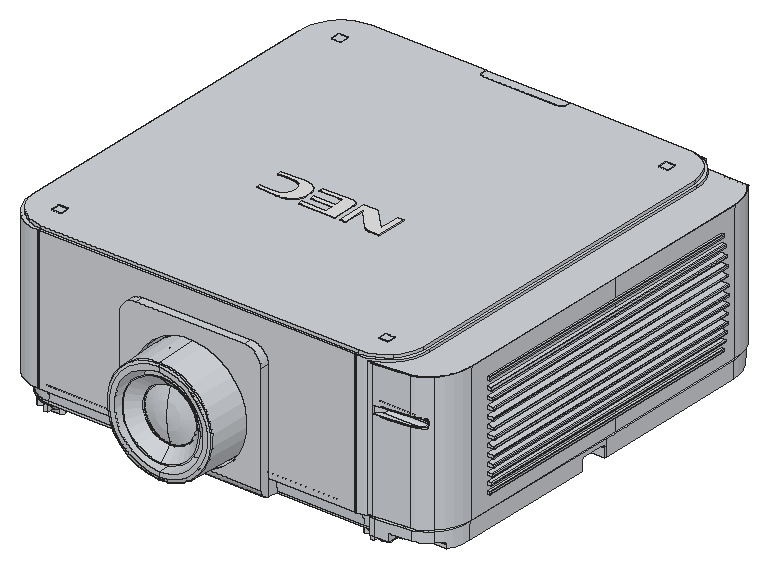
Revit family "PX602WL", category Generic Models, Revit 2012
Parameters
  URL = "www.necdisplay.com"
  Signal Compatibility/Connectivity - Sync Compatibility = "    Separate Sync /Composite Sync / Sync on G"  # constant formula
  Signal Compatibility/Connectivity - Supported Video Standards = "    NTSC, NTSC4.43, PAL, PAL-60, PAL-M, PAL-N, SECAM"  # constant formula
  Signal Compatibility/Connectivity - Scan Rate, Vertical = "    48 - 120 Hz"  # constant formula
  Signal Compatibility/Connectivity - Scan Rate, Horizontal = "    15 - 108 kHz"  # constant formula
  Signal Compatibility/Connectivity - SD/HD Video Signal Compatibility = "    480i, 480p, 576i, 576p, 720p, 1080i, 1080p"  # constant formula
  Signal Compatibility/Connectivity - PC Signal Compatibility = "    VGA, SVGA, XGA, SXGA, SXGA+, UXGA, WUXGA, WXGA, FHD, 2K, QXGA, WQXGA, 4K"  # constant formula
  Signal Compatibility/Connectivity - Networking = "    HDBaseT, RJ-45"  # constant formula
  Signal Compatibility/Connectivity - Macintosh Compatibility = "    Yes"  # constant formula
  Signal Compatibility/Connectivity - Input/Output Terminals RGB5 (digital) = "    HDBaseT"  # constant formula
  Signal Compatibility/Connectivity - Input/Output Terminals RGB4 (digital) = "    DisplayPort w/ HDCP"  # constant formula
  Signal Compatibility/Connectivity - Input/Output Terminals RGB3 (digital) = "    HDMI w/ HDCP"  # constant formula
  Signal Compatibility/Connectivity - Input/Output Terminals RGB2 (analog) = "    5 BNC"  # constant formula
  Signal Compatibility/Connectivity - Input/Output Terminals RGB1 (analog) = "    VGA 15-pin D-sub"  # constant formula
  Signal Compatibility/Connectivity - Input/Output Terminals Option Slot = "    OPS Option Slot"  # constant formula
  Signal Compatibility/Connectivity - Input/Output Terminals Monitor Out = "    HDMI"  # constant formula
  Signal Compatibility/Connectivity - External Control = "    RS-232, IR, HDBaseT, Wired LAN, DDC/CI, USB"  # constant formula
  Signal Compatibility/Connectivity - 3D Sync Line = "    3Pin D"  # constant formula
  Regulations = "    USA: UL 1950 FCC Class B, Canada: CSA950 (C-UL), NOM"  # constant formula
  Power Requirements = "    100 - 240V AC, 50/60Hz"  # constant formula
  Power Consumption (ECO off/ECO Mode/Standby/Standby-Power Saving = "    590W / 460W / 6W / 0.5W"  # constant formula
  Optional Lenses = "    NP33ZL, NP34ZL, NP35ZL, NP36ZL, NP37ZL, NP38ZL"  # constant formula
  Optical - Throw Area NP33ZL = "    0.75 - 0.95 : 1"  # constant formula
  Optical - Throw Area NP34ZL = "    0.95 - 1.2 : 1"  # constant formula
  Optical - Throw Area NP35ZL = "    1.23 - 1.52 : 1"  # constant formula
  Optical - Throw Area NP36FL = "    1.28 - 1.6 : 1"  # constant formula
  Optical - Throw Area NP37ZL = "    1.52 - 2.92 : 1"  # constant formula
  Optical - Throw Area NP38ZL = "    2.9 - 5.5 : 1"  # constant formula
  Optical - Screen Size (diagonal) = "   50 to 300 in. / 1.27 to 7.62m"  # constant formula
  Optical - Resolution Native = "    WUXGA 1280 x 800 "  # constant formula
  Optical - Resolution Maximum = "    4K 4096 x 2160"  # constant formula
  Optical - Projection Distance = "    3.3 to 65.5ft / 1.01 to 19.96m"  # constant formula
  Optical - Projection Angle = "    5.8 - 14.4deg tele / 10.9 - 18.4deg wide"  # constant formula
  Optical - Light Output (lumens) = "    6000 Normal / Eco = variable"  # constant formula
  Optical - Lens* Zoom Ratio = "    Powered"  # constant formula
  Optical - Lens* Zoom = "    Variable"  # constant formula
  Optical - Lens* Shift = "    Powered +/- 0.3 vertical, +/- 0.15 horizontal"  # constant formula
  Optical - Lens* Focus = "    Powered"  # constant formula
  Optical - Lens* F-number, f-number NP33ZL = "    TBD"  # constant formula
  Optical - Lens* F-number, f-number NP34ZL = "    F=2.3 to 2.57, f= 14.03 to 17.95mm"  # constant formula
  Optical - Lens* F-number, f-number NP35ZL = "    F=2.0 to 2.32, f= 18.07 to 22.59mm"  # constant formula
  Optical - Lens* F-number, f-number NP36ZL = "    F=2.0 to 2.32, f= 18.07 to 22.59mm"  # constant formula
  Optical - Lens* F-number, f-number NP37ZL = "    F=2.3 to 3.39, f= 22.56 to 42.87mm"  # constant formula
  Optical - Lens* F-number, f-number NP38ZL = "    TBD"  # constant formula
  Optical - Keystone Correction = "    +/- 40deg horizontal, +/- 40deg vertical"  # constant formula
  Optical - Display /Technology = "    0.65in DMD"  # constant formula
  Optical - Contrast Ratio (up to) = "    10,000 : 1 with auto iris"  # constant formula
  Net Weight = "    40.8 lbs / 18.5 kg"  # constant formula
  Model = "PX602WL"  # constant formula
  Manufacturer = "NEC Display Solutions"  # constant formula
  Optical - Laser Life (up to) = "    2000 hours"  # constant formula
  Installation Orientation = "    Floor/Front, Floor/Rear, Ceiling/Front, Ceiling/Rear"  # constant formula
  Input Current = "    6.6 - 2.5A"  # constant formula
  Fan Noise = "    39 dB normal / 34 dB eco"  # constant formula
  Environmental - Storage = "    -14deg - 122degF / -10deg - 50degC"  # constant formula
  Environmental - Operating Temperature = "     41deg - 104degF / 5deg - 40degC"  # constant formula
  Environmental - Humidity = "     20-80% non-condensing"  # constant formula
  Dimensions (WxDxH) = "    19.1 x 22.6 x 8.5in / 484 x 575 x 217mm"  # constant formula
  Description = "Professional Installation Projectors"  # constant formula
  * = "Lens does not ship with projector"  # constant formula
Reference planes (in)
  plane 1 "Center (Front/Back)": y = 0
  plane 2: z = 0
  plane 3 "Center (Left/Right)": x = 0
Forms (in)
  Extrusion 1, solid
    sketch origin (0, 0, 0) x (1, 0, 0) y (0, 0, 1)
      loop
        arc (1.09599, 1.4692) -> (0, 6.71357) -> (-1.09599, 1.4692) r 2.73671
        arc (-1.09599, 1.4692) -> (0, 1.27755) -> (1.09599, 1.4692) r 3.22966
      loop
        arc (-2.5975, 7.40776) -> (-3.16144, 7.17417) -> (-3.39503, 6.61024) r 0.79753
        line (-3.39503, 6.61024) -> (-3.39503, 0.86557) -> (3.39688, 0.86557) -> (3.39688, 6.61024)
        arc (3.39688, 6.61024) -> (3.16329, 7.17417) -> (2.59935, 7.40776) r 0.79753
        line (2.59935, 7.40776) -> (-2.5975, 7.40776)
    from 0 to 0.41339
  Revolve 2, solid
    sketch origin (0, 0, 0) x (0, 1, 0) y (0, 0, 1)
      loop
        arc (-2.2325, 6.50365) -> (-2.25473, 6.49581) -> (-2.2685, 6.47669) r 0.03937
        line (-2.2685, 6.47669) -> (-2.31496, 6.33659) -> (-2.31496, 6.11699) -> (0, 6.11699) -> (0, 6.58161) -> (-2.2325, 6.50365)
      axis (-2.31496, 3.97638) -> (0, 3.97638)
    angle from 0 to 360
  Extrusion 3, void
    sketch origin (0, 0, 0) x (0, 1, 0) y (0, 0, 1)
      loop
        line (-0.41339, 1.38558) -> (-0.53857, 1.36259) -> (-0.53857, 0.63269) -> (0.09014, 0.63269) -> (0.09014, 0.92211) -> (0, 0.92211)
        arc (0, 0.92211) -> (-0.1179, 0.96597) -> (-0.22086, 1.03825) r 0.49268
        arc (-0.22086, 1.03825) -> (-0.34555, 1.19616) -> (-0.41339, 1.38558) r 0.62282
    from -3.39503 to 3.39621
  Revolve 4, solid
    sketch origin (0, 0, 0) x (0, 1, 0) y (0, 0, 1)
      loop
        line (0, 6.58698) -> (0, 6.71357) -> (-0.21069, 6.71357)
        arc (-0.21069, 6.71357) -> (-0.08856, 6.67821) -> (0, 6.58698) r 0.24797
      axis (-0.21069, 3.97638) -> (0, 3.97638)
    angle from 0 to 360
  Extrusion 5, solid
    sketch origin (0, 0, 8.66736) x (1, 0, 0) y (0, 1, 0)
      loop
        line (-7.56649, 0) -> (7.56736, 0)
        arc (7.56736, 0) -> (8.97386, 0.59127) -> (9.53543, 2.00989) r 1.9685
        line (9.53543, 2.00989) -> (9.53543, 18.07226)
        arc (9.53543, 18.07226) -> (9.4737, 18.56) -> (9.29303, 19.01723) r 1.9685
        arc (9.29303, 19.01723) -> (8.56995, 19.76467) -> (7.56693, 20.03937) r 1.9685
        line (7.56693, 20.03937) -> (-7.56693, 20.03937)
        arc (-7.56693, 20.03937) -> (-8.95887, 19.46281) -> (-9.53543, 18.07087) r 1.9685
        line (-9.53543, 18.07087) -> (-9.53543, 1.9685)
        arc (-9.53543, 1.9685) -> (-8.95844, 0.57656) -> (-7.56649, 0) r 1.9685
      loop
        line (-9.37587, 18.15763) -> (-9.37587, 1.88174)
        arc (-9.37587, 1.88174) -> (-8.8474, 0.6878) -> (-7.65335, 0.15954) r 1.81102
        line (-7.65335, 0.15954) -> (7.65378, 0.15954)
        arc (7.65378, 0.15954) -> (8.31192, 0.31765) -> (8.866, 0.70642) r 1.81059
        arc (8.866, 0.70642) -> (9.22829, 1.24728) -> (9.37587, 1.88132) r 1.81059
        line (9.37587, 1.88132) -> (9.37587, 18.16994)
        arc (9.37587, 18.16994) -> (9.2874, 18.64639) -> (9.07499, 19.08195) r 1.79925
        arc (9.07499, 19.08195) -> (8.4322, 19.66663) -> (7.59037, 19.88189) r 1.79925
        line (7.59037, 19.88189) -> (-7.56693, 19.88189)
        arc (-7.56693, 19.88189) -> (-8.81646, 19.38177) -> (-9.37587, 18.15763) r 1.81102
    from -6.93508 to -0.13877
  Extrusion 6, solid
    sketch origin (0, 0, 0) x (1, 0, 0) y (0, 1, 0)
      loop
        line (-9.02053, 18.05906) -> (-9.02053, 1.98031)
        arc (-9.02053, 1.98031) -> (-8.59478, 0.95246) -> (-7.56693, 0.52671) r 1.4536
        line (-7.56693, 0.52671) -> (-0.02958, 0.52671) -> (7.56693, 0.52671)
        arc (7.56693, 0.52671) -> (8.59478, 0.95246) -> (9.02053, 1.98031) r 1.4536
        line (9.02053, 1.98031) -> (9.02053, 9.41383) -> (9.02053, 18.05906)
        arc (9.02053, 18.05906) -> (8.59245, 19.08924) -> (7.56033, 19.51264) r 1.4536
        line (7.56033, 19.51264) -> (-7.56033, 19.51264)
        arc (-7.56033, 19.51264) -> (-8.59245, 19.08924) -> (-9.02053, 18.05906) r 1.4536
      loop
        line (-2.35433, 8.11287) -> (-2.35433, 7.91602) -> (-2.03937, 7.91602) -> (-2.03937, 8.11287) -> (-2.35433, 8.11287)
      loop
        line (-1.96063, 8.11287) -> (-1.96063, 7.91602) -> (-1.64567, 7.91602) -> (-1.64567, 8.11287) -> (-1.96063, 8.11287)
      loop
        line (-1.56693, 8.11287) -> (-1.56693, 7.91602) -> (-1.25197, 7.91602) -> (-1.25197, 8.11287) -> (-1.56693, 8.11287)
      loop
        line (-1.17323, 8.11287) -> (-1.17323, 7.91602) -> (-0.85827, 7.91602) -> (-0.85827, 8.11287) -> (-1.17323, 8.11287)
      loop
        line (-0.77953, 8.11287) -> (-0.77953, 7.91602) -> (-0.46457, 7.91602) -> (-0.46457, 8.11287) -> (-0.77953, 8.11287)
      loop
        line (-0.38583, 8.11287) -> (-0.38583, 7.91602) -> (-0.07087, 7.91602) -> (-0.07087, 8.11287) -> (-0.38583, 8.11287)
      loop
        line (0.00787, 8.11287) -> (0.00787, 7.91602) -> (0.32283, 7.91602) -> (0.32283, 8.11287) -> (0.00787, 8.11287)
      loop
        line (0.40157, 8.11287) -> (0.40157, 7.91602) -> (0.71654, 7.91602) -> (0.71654, 8.11287) -> (0.40157, 8.11287)
      loop
        line (0.79528, 8.11287) -> (0.79528, 7.91602) -> (1.11024, 7.91602) -> (1.11024, 8.11287) -> (0.79528, 8.11287)
      loop
        line (1.18898, 8.11287) -> (1.18898, 7.91602) -> (1.50394, 7.91602) -> (1.50394, 8.11287) -> (1.18898, 8.11287)
      loop
        line (-2.35433, 7.84132) -> (-2.35433, 7.64447) -> (-2.03937, 7.64447) -> (-2.03937, 7.84132) -> (-2.35433, 7.84132)
      loop
        line (-1.96063, 7.84132) -> (-1.96063, 7.64447) -> (-1.64567, 7.64447) -> (-1.64567, 7.84132) -> (-1.96063, 7.84132)
      loop
        line (-1.56693, 7.84132) -> (-1.56693, 7.64447) -> (-1.25197, 7.64447) -> (-1.25197, 7.84132) -> (-1.56693, 7.84132)
      loop
        line (-1.17323, 7.84132) -> (-1.17323, 7.64447) -> (-0.85827, 7.64447) -> (-0.85827, 7.84132) -> (-1.17323, 7.84132)
      loop
        line (-0.77953, 7.84132) -> (-0.77953, 7.64447) -> (-0.46457, 7.64447) -> (-0.46457, 7.84132) -> (-0.77953, 7.84132)
      loop
        line (-0.38583, 7.84132) -> (-0.38583, 7.64447) -> (-0.07087, 7.64447) -> (-0.07087, 7.84132) -> (-0.38583, 7.84132)
      loop
        line (0.00787, 7.84132) -> (0.00787, 7.64447) -> (0.32283, 7.64447) -> (0.32283, 7.84132) -> (0.00787, 7.84132)
      loop
        line (0.40157, 7.84132) -> (0.40157, 7.64447) -> (0.71654, 7.64447) -> (0.71654, 7.84132) -> (0.40157, 7.84132)
      loop
        line (0.79528, 7.84132) -> (0.79528, 7.64447) -> (1.11024, 7.64447) -> (1.11024, 7.84132) -> (0.79528, 7.84132)
      loop
        line (1.18898, 7.84132) -> (1.18898, 7.64447) -> (1.50394, 7.64447) -> (1.50394, 7.84132) -> (1.18898, 7.84132)
      loop
        line (-2.35433, 7.56052) -> (-2.35433, 7.36367) -> (-2.03937, 7.36367) -> (-2.03937, 7.56052) -> (-2.35433, 7.56052)
      loop
        line (-1.96063, 7.56052) -> (-1.96063, 7.36367) -> (-1.64567, 7.36367) -> (-1.64567, 7.56052) -> (-1.96063, 7.56052)
      loop
        line (-1.56693, 7.56052) -> (-1.56693, 7.36367) -> (-1.25197, 7.36367) -> (-1.25197, 7.56052) -> (-1.56693, 7.56052)
      loop
        line (-1.17323, 7.56052) -> (-1.17323, 7.36367) -> (-0.85827, 7.36367) -> (-0.85827, 7.56052) -> (-1.17323, 7.56052)
      loop
        line (-0.77953, 7.56052) -> (-0.77953, 7.36367) -> (-0.46457, 7.36367) -> (-0.46457, 7.56052) -> (-0.77953, 7.56052)
      loop
        line (-0.38583, 7.56052) -> (-0.38583, 7.36367) -> (-0.07087, 7.36367) -> (-0.07087, 7.56052) -> (-0.38583, 7.56052)
      loop
        line (0.00787, 7.56052) -> (0.00787, 7.36367) -> (0.32283, 7.36367) -> (0.32283, 7.56052) -> (0.00787, 7.56052)
      loop
        line (0.40157, 7.56052) -> (0.40157, 7.36367) -> (0.71654, 7.36367) -> (0.71654, 7.56052) -> (0.40157, 7.56052)
      loop
        line (0.79528, 7.56052) -> (0.79528, 7.36367) -> (1.11024, 7.36367) -> (1.11024, 7.56052) -> (0.79528, 7.56052)
      loop
        line (1.18898, 7.56052) -> (1.18898, 7.36367) -> (1.50394, 7.36367) -> (1.50394, 7.56052) -> (1.18898, 7.56052)
      loop
        line (-2.35433, 7.2863) -> (-2.35433, 7.08945) -> (-2.03937, 7.08945) -> (-2.03937, 7.2863) -> (-2.35433, 7.2863)
      loop
        line (-1.96063, 7.2863) -> (-1.96063, 7.08945) -> (-1.64567, 7.08945) -> (-1.64567, 7.2863) -> (-1.96063, 7.2863)
      loop
        line (-1.56693, 7.2863) -> (-1.56693, 7.08945) -> (-1.25197, 7.08945) -> (-1.25197, 7.2863) -> (-1.56693, 7.2863)
      loop
        line (-1.17323, 7.2863) -> (-1.17323, 7.08945) -> (-0.85827, 7.08945) -> (-0.85827, 7.2863) -> (-1.17323, 7.2863)
      loop
        line (-0.77953, 7.2863) -> (-0.77953, 7.08945) -> (-0.46457, 7.08945) -> (-0.46457, 7.2863) -> (-0.77953, 7.2863)
      loop
        line (-0.38583, 7.2863) -> (-0.38583, 7.08945) -> (-0.07087, 7.08945) -> (-0.07087, 7.2863) -> (-0.38583, 7.2863)
      loop
        line (0.00787, 7.2863) -> (0.00787, 7.08945) -> (0.32283, 7.08945) -> (0.32283, 7.2863) -> (0.00787, 7.2863)
      loop
        line (0.40157, 7.2863) -> (0.40157, 7.08945) -> (0.71654, 7.08945) -> (0.71654, 7.2863) -> (0.40157, 7.2863)
      loop
        line (0.79528, 7.2863) -> (0.79528, 7.08945) -> (1.11024, 7.08945) -> (1.11024, 7.2863) -> (0.79528, 7.2863)
      loop
        line (1.18898, 7.2863) -> (1.18898, 7.08945) -> (1.50394, 7.08945) -> (1.50394, 7.2863) -> (1.18898, 7.2863)
      loop
        line (-2.35433, 7.01127) -> (-2.35433, 6.81442) -> (-2.03937, 6.81442) -> (-2.03937, 7.01127) -> (-2.35433, 7.01127)
      loop
        line (-1.96063, 7.01127) -> (-1.96063, 6.81442) -> (-1.64567, 6.81442) -> (-1.64567, 7.01127) -> (-1.96063, 7.01127)
      loop
        line (-1.56693, 7.01127) -> (-1.56693, 6.81442) -> (-1.25197, 6.81442) -> (-1.25197, 7.01127) -> (-1.56693, 7.01127)
      loop
        line (-1.17323, 7.01127) -> (-1.17323, 6.81442) -> (-0.85827, 6.81442) -> (-0.85827, 7.01127) -> (-1.17323, 7.01127)
      loop
        line (-0.77953, 7.01127) -> (-0.77953, 6.81442) -> (-0.46457, 6.81442) -> (-0.46457, 7.01127) -> (-0.77953, 7.01127)
      loop
        line (-0.38583, 7.01127) -> (-0.38583, 6.81442) -> (-0.07087, 6.81442) -> (-0.07087, 7.01127) -> (-0.38583, 7.01127)
      loop
        line (0.00787, 7.01127) -> (0.00787, 6.81442) -> (0.32283, 6.81442) -> (0.32283, 7.01127) -> (0.00787, 7.01127)
      loop
        line (0.40157, 7.01127) -> (0.40157, 6.81442) -> (0.71654, 6.81442) -> (0.71654, 7.01127) -> (0.40157, 7.01127)
      loop
        line (0.79528, 7.01127) -> (0.79528, 6.81442) -> (1.11024, 6.81442) -> (1.11024, 7.01127) -> (0.79528, 7.01127)
      loop
        line (1.18898, 7.01127) -> (1.18898, 6.81442) -> (1.50394, 6.81442) -> (1.50394, 7.01127) -> (1.18898, 7.01127)
      loop
        line (-2.35433, 6.73507) -> (-2.35433, 6.53822) -> (-2.03937, 6.53822) -> (-2.03937, 6.73507) -> (-2.35433, 6.73507)
      loop
        line (-1.96063, 6.73507) -> (-1.96063, 6.53822) -> (-1.64567, 6.53822) -> (-1.64567, 6.73507) -> (-1.96063, 6.73507)
      loop
        line (-1.56693, 6.73507) -> (-1.56693, 6.53822) -> (-1.25197, 6.53822) -> (-1.25197, 6.73507) -> (-1.56693, 6.73507)
      loop
        line (-1.17323, 6.73507) -> (-1.17323, 6.53822) -> (-0.85827, 6.53822) -> (-0.85827, 6.73507) -> (-1.17323, 6.73507)
      loop
        line (-0.77953, 6.73507) -> (-0.77953, 6.53822) -> (-0.46457, 6.53822) -> (-0.46457, 6.73507) -> (-0.77953, 6.73507)
      loop
        line (-0.38583, 6.73507) -> (-0.38583, 6.53822) -> (-0.07087, 6.53822) -> (-0.07087, 6.73507) -> (-0.38583, 6.73507)
      loop
        line (0.00787, 6.73507) -> (0.00787, 6.53822) -> (0.32283, 6.53822) -> (0.32283, 6.73507) -> (0.00787, 6.73507)
      loop
        line (0.40157, 6.73507) -> (0.40157, 6.53822) -> (0.71654, 6.53822) -> (0.71654, 6.73507) -> (0.40157, 6.73507)
      loop
        line (0.79528, 6.73507) -> (0.79528, 6.53822) -> (1.11024, 6.53822) -> (1.11024, 6.73507) -> (0.79528, 6.73507)
      loop
        line (1.18898, 6.73507) -> (1.18898, 6.53822) -> (1.50394, 6.53822) -> (1.50394, 6.73507) -> (1.18898, 6.73507)
      loop
        line (-2.35433, 6.45868) -> (-2.35433, 6.26183) -> (-2.03937, 6.26183) -> (-2.03937, 6.45868) -> (-2.35433, 6.45868)
      loop
        line (-1.96063, 6.45868) -> (-1.96063, 6.26183) -> (-1.64567, 6.26183) -> (-1.64567, 6.45868) -> (-1.96063, 6.45868)
      loop
        line (-1.56693, 6.45868) -> (-1.56693, 6.26183) -> (-1.25197, 6.26183) -> (-1.25197, 6.45868) -> (-1.56693, 6.45868)
      loop
        line (-1.17323, 6.45868) -> (-1.17323, 6.26183) -> (-0.85827, 6.26183) -> (-0.85827, 6.45868) -> (-1.17323, 6.45868)
      loop
        line (-0.77953, 6.45868) -> (-0.77953, 6.26183) -> (-0.46457, 6.26183) -> (-0.46457, 6.45868) -> (-0.77953, 6.45868)
      loop
        line (-0.38583, 6.45868) -> (-0.38583, 6.26183) -> (-0.07087, 6.26183) -> (-0.07087, 6.45868) -> (-0.38583, 6.45868)
      loop
        line (0.00787, 6.45868) -> (0.00787, 6.26183) -> (0.32283, 6.26183) -> (0.32283, 6.45868) -> (0.00787, 6.45868)
      loop
        line (0.40157, 6.45868) -> (0.40157, 6.26183) -> (0.71654, 6.26183) -> (0.71654, 6.45868) -> (0.40157, 6.45868)
      loop
        line (0.79528, 6.45868) -> (0.79528, 6.26183) -> (1.11024, 6.26183) -> (1.11024, 6.45868) -> (0.79528, 6.45868)
      loop
        line (1.18898, 6.45868) -> (1.18898, 6.26183) -> (1.50394, 6.26183) -> (1.50394, 6.45868) -> (1.18898, 6.45868)
      loop
        line (-2.35433, 6.18374) -> (-2.35433, 5.98689) -> (-2.03937, 5.98689) -> (-2.03937, 6.18374) -> (-2.35433, 6.18374)
      loop
        line (-1.96063, 6.18374) -> (-1.96063, 5.98689) -> (-1.64567, 5.98689) -> (-1.64567, 6.18374) -> (-1.96063, 6.18374)
      loop
        line (-1.56693, 6.18374) -> (-1.56693, 5.98689) -> (-1.25197, 5.98689) -> (-1.25197, 6.18374) -> (-1.56693, 6.18374)
      loop
        line (-1.17323, 6.18374) -> (-1.17323, 5.98689) -> (-0.85827, 5.98689) -> (-0.85827, 6.18374) -> (-1.17323, 6.18374)
      loop
        line (-0.77953, 6.18374) -> (-0.77953, 5.98689) -> (-0.46457, 5.98689) -> (-0.46457, 6.18374) -> (-0.77953, 6.18374)
      loop
        line (-0.38583, 6.18374) -> (-0.38583, 5.98689) -> (-0.07087, 5.98689) -> (-0.07087, 6.18374) -> (-0.38583, 6.18374)
      loop
        line (0.00787, 6.18374) -> (0.00787, 5.98689) -> (0.32283, 5.98689) -> (0.32283, 6.18374) -> (0.00787, 6.18374)
      loop
        line (0.40157, 6.18374) -> (0.40157, 5.98689) -> (0.71654, 5.98689) -> (0.71654, 6.18374) -> (0.40157, 6.18374)
      loop
        line (0.79528, 6.18374) -> (0.79528, 5.98689) -> (1.11024, 5.98689) -> (1.11024, 6.18374) -> (0.79528, 6.18374)
      loop
        line (1.18898, 6.18374) -> (1.18898, 5.98689) -> (1.50394, 5.98689) -> (1.50394, 6.18374) -> (1.18898, 6.18374)
      loop
        line (-2.35433, 5.90964) -> (-2.35433, 5.71279) -> (-2.03937, 5.71279) -> (-2.03937, 5.90964) -> (-2.35433, 5.90964)
      loop
        line (-1.96063, 5.90964) -> (-1.96063, 5.71279) -> (-1.64567, 5.71279) -> (-1.64567, 5.90964) -> (-1.96063, 5.90964)
      loop
        line (-1.56693, 5.90964) -> (-1.56693, 5.71279) -> (-1.25197, 5.71279) -> (-1.25197, 5.90964) -> (-1.56693, 5.90964)
      loop
        line (-1.17323, 5.90964) -> (-1.17323, 5.71279) -> (-0.85827, 5.71279) -> (-0.85827, 5.90964) -> (-1.17323, 5.90964)
      loop
        line (-0.77953, 5.90964) -> (-0.77953, 5.71279) -> (-0.46457, 5.71279) -> (-0.46457, 5.90964) -> (-0.77953, 5.90964)
      loop
        line (-0.38583, 5.90964) -> (-0.38583, 5.71279) -> (-0.07087, 5.71279) -> (-0.07087, 5.90964) -> (-0.38583, 5.90964)
      loop
        line (0.00787, 5.90964) -> (0.00787, 5.71279) -> (0.32283, 5.71279) -> (0.32283, 5.90964) -> (0.00787, 5.90964)
      loop
        line (0.40157, 5.90964) -> (0.40157, 5.71279) -> (0.71654, 5.71279) -> (0.71654, 5.90964) -> (0.40157, 5.90964)
      loop
        line (0.79528, 5.90964) -> (0.79528, 5.71279) -> (1.11024, 5.71279) -> (1.11024, 5.90964) -> (0.79528, 5.90964)
      loop
        line (1.18898, 5.90964) -> (1.18898, 5.71279) -> (1.50394, 5.71279) -> (1.50394, 5.90964) -> (1.18898, 5.90964)
      loop
        line (-2.35433, 5.63319) -> (-2.35433, 5.43634) -> (-2.03937, 5.43634) -> (-2.03937, 5.63319) -> (-2.35433, 5.63319)
      loop
        line (-1.96063, 5.63319) -> (-1.96063, 5.43634) -> (-1.64567, 5.43634) -> (-1.64567, 5.63319) -> (-1.96063, 5.63319)
      loop
        line (-1.56693, 5.63319) -> (-1.56693, 5.43634) -> (-1.25197, 5.43634) -> (-1.25197, 5.63319) -> (-1.56693, 5.63319)
      loop
        line (-1.17323, 5.63319) -> (-1.17323, 5.43634) -> (-0.85827, 5.43634) -> (-0.85827, 5.63319) -> (-1.17323, 5.63319)
      loop
        line (-0.77953, 5.63319) -> (-0.77953, 5.43634) -> (-0.46457, 5.43634) -> (-0.46457, 5.63319) -> (-0.77953, 5.63319)
      loop
        line (-0.38583, 5.63319) -> (-0.38583, 5.43634) -> (-0.07087, 5.43634) -> (-0.07087, 5.63319) -> (-0.38583, 5.63319)
      loop
        line (0.00787, 5.63319) -> (0.00787, 5.43634) -> (0.32283, 5.43634) -> (0.32283, 5.63319) -> (0.00787, 5.63319)
      loop
        line (0.40157, 5.63319) -> (0.40157, 5.43634) -> (0.71654, 5.43634) -> (0.71654, 5.63319) -> (0.40157, 5.63319)
      loop
        line (0.79528, 5.63319) -> (0.79528, 5.43634) -> (1.11024, 5.43634) -> (1.11024, 5.63319) -> (0.79528, 5.63319)
      loop
        line (1.18898, 5.63319) -> (1.18898, 5.43634) -> (1.50394, 5.43634) -> (1.50394, 5.63319) -> (1.18898, 5.63319)
      loop
        line (-2.35433, 5.35847) -> (-2.35433, 5.16162) -> (-2.03937, 5.16162) -> (-2.03937, 5.35847) -> (-2.35433, 5.35847)
      loop
        line (-1.96063, 5.35847) -> (-1.96063, 5.16162) -> (-1.64567, 5.16162) -> (-1.64567, 5.35847) -> (-1.96063, 5.35847)
      loop
        line (-1.56693, 5.35847) -> (-1.56693, 5.16162) -> (-1.25197, 5.16162) -> (-1.25197, 5.35847) -> (-1.56693, 5.35847)
      loop
        line (-1.17323, 5.35847) -> (-1.17323, 5.16162) -> (-0.85827, 5.16162) -> (-0.85827, 5.35847) -> (-1.17323, 5.35847)
      loop
        line (-0.77953, 5.35847) -> (-0.77953, 5.16162) -> (-0.46457, 5.16162) -> (-0.46457, 5.35847) -> (-0.77953, 5.35847)
      loop
        line (-0.38583, 5.35847) -> (-0.38583, 5.16162) -> (-0.07087, 5.16162) -> (-0.07087, 5.35847) -> (-0.38583, 5.35847)
      loop
        line (0.00787, 5.35847) -> (0.00787, 5.16162) -> (0.32283, 5.16162) -> (0.32283, 5.35847) -> (0.00787, 5.35847)
      loop
        line (0.40157, 5.35847) -> (0.40157, 5.16162) -> (0.71654, 5.16162) -> (0.71654, 5.35847) -> (0.40157, 5.35847)
      loop
        line (0.79528, 5.35847) -> (0.79528, 5.16162) -> (1.11024, 5.16162) -> (1.11024, 5.35847) -> (0.79528, 5.35847)
      loop
        line (1.18898, 5.35847) -> (1.18898, 5.16162) -> (1.50394, 5.16162) -> (1.50394, 5.35847) -> (1.18898, 5.35847)
      loop
        line (-7.48031, 2.2158) -> (-7.48031, 2.01895) -> (-7.16535, 2.01895) -> (-7.16535, 2.2158) -> (-7.48031, 2.2158)
      loop
        line (-7.08661, 2.2158) -> (-7.08661, 2.01895) -> (-6.77165, 2.01895) -> (-6.77165, 2.2158) -> (-7.08661, 2.2158)
      loop
        line (-6.69291, 2.2158) -> (-6.69291, 2.01895) -> (-6.37795, 2.01895) -> (-6.37795, 2.2158) -> (-6.69291, 2.2158)
      loop
        line (-6.29921, 2.2158) -> (-6.29921, 2.01895) -> (-5.98425, 2.01895) -> (-5.98425, 2.2158) -> (-6.29921, 2.2158)
      loop
        line (-5.90551, 2.2158) -> (-5.90551, 2.01895) -> (-5.59055, 2.01895) -> (-5.59055, 2.2158) -> (-5.90551, 2.2158)
      loop
        line (-5.51181, 2.2158) -> (-5.51181, 2.01895) -> (-5.19685, 2.01895) -> (-5.19685, 2.2158) -> (-5.51181, 2.2158)
      loop
        line (-5.11811, 2.2158) -> (-5.11811, 2.01895) -> (-4.80315, 2.01895) -> (-4.80315, 2.2158) -> (-5.11811, 2.2158)
      loop
        line (-7.48031, 1.94425) -> (-7.48031, 1.74739) -> (-7.16535, 1.74739) -> (-7.16535, 1.94425) -> (-7.48031, 1.94425)
      loop
        line (-7.08661, 1.94425) -> (-7.08661, 1.74739) -> (-6.77165, 1.74739) -> (-6.77165, 1.94425) -> (-7.08661, 1.94425)
      loop
        line (-6.69291, 1.94425) -> (-6.69291, 1.74739) -> (-6.37795, 1.74739) -> (-6.37795, 1.94425) -> (-6.69291, 1.94425)
      loop
        line (-6.29921, 1.94425) -> (-6.29921, 1.74739) -> (-5.98425, 1.74739) -> (-5.98425, 1.94425) -> (-6.29921, 1.94425)
      loop
        line (-5.90551, 1.94425) -> (-5.90551, 1.74739) -> (-5.59055, 1.74739) -> (-5.59055, 1.94425) -> (-5.90551, 1.94425)
      loop
        line (-5.51181, 1.94425) -> (-5.51181, 1.74739) -> (-5.19685, 1.74739) -> (-5.19685, 1.94425) -> (-5.51181, 1.94425)
      loop
        line (-5.11811, 1.94425) -> (-5.11811, 1.74739) -> (-4.80315, 1.74739) -> (-4.80315, 1.94425) -> (-5.11811, 1.94425)
      loop
        line (-7.48031, 1.66344) -> (-7.48031, 1.46659) -> (-7.16535, 1.46659) -> (-7.16535, 1.66344) -> (-7.48031, 1.66344)
      loop
        line (-7.08661, 1.66344) -> (-7.08661, 1.46659) -> (-6.77165, 1.46659) -> (-6.77165, 1.66344) -> (-7.08661, 1.66344)
      loop
        line (-6.69291, 1.66344) -> (-6.69291, 1.46659) -> (-6.37795, 1.46659) -> (-6.37795, 1.66344) -> (-6.69291, 1.66344)
      loop
        line (-6.29921, 1.66344) -> (-6.29921, 1.46659) -> (-5.98425, 1.46659) -> (-5.98425, 1.66344) -> (-6.29921, 1.66344)
      loop
        line (-5.90551, 1.66344) -> (-5.90551, 1.46659) -> (-5.59055, 1.46659) -> (-5.59055, 1.66344) -> (-5.90551, 1.66344)
      loop
        line (-5.51181, 1.66344) -> (-5.51181, 1.46659) -> (-5.19685, 1.46659) -> (-5.19685, 1.66344) -> (-5.51181, 1.66344)
      loop
        line (-5.11811, 1.66344) -> (-5.11811, 1.46659) -> (-4.80315, 1.46659) -> (-4.80315, 1.66344) -> (-5.11811, 1.66344)
      loop
        line (-7.48031, 1.38923) -> (-7.48031, 1.19238) -> (-7.16535, 1.19238) -> (-7.16535, 1.38923) -> (-7.48031, 1.38923)
      loop
        line (-7.08661, 1.38923) -> (-7.08661, 1.19238) -> (-6.77165, 1.19238) -> (-6.77165, 1.38923) -> (-7.08661, 1.38923)
      loop
        line (-6.69291, 1.38923) -> (-6.69291, 1.19238) -> (-6.37795, 1.19238) -> (-6.37795, 1.38923) -> (-6.69291, 1.38923)
      loop
        line (-6.29921, 1.38923) -> (-6.29921, 1.19238) -> (-5.98425, 1.19238) -> (-5.98425, 1.38923) -> (-6.29921, 1.38923)
      loop
        line (-5.90551, 1.38923) -> (-5.90551, 1.19238) -> (-5.59055, 1.19238) -> (-5.59055, 1.38923) -> (-5.90551, 1.38923)
      loop
        line (-5.51181, 1.38923) -> (-5.51181, 1.19238) -> (-5.19685, 1.19238) -> (-5.19685, 1.38923) -> (-5.51181, 1.38923)
      loop
        line (-5.11811, 1.38923) -> (-5.11811, 1.19238) -> (-4.80315, 1.19238) -> (-4.80315, 1.38923) -> (-5.11811, 1.38923)
      loop
        line (-7.48031, 1.11419) -> (-7.48031, 0.91734) -> (-7.16535, 0.91734) -> (-7.16535, 1.11419) -> (-7.48031, 1.11419)
      loop
        line (-7.08661, 1.11419) -> (-7.08661, 0.91734) -> (-6.77165, 0.91734) -> (-6.77165, 1.11419) -> (-7.08661, 1.11419)
      loop
        line (-6.69291, 1.11419) -> (-6.69291, 0.91734) -> (-6.37795, 0.91734) -> (-6.37795, 1.11419) -> (-6.69291, 1.11419)
      loop
        line (-6.29921, 1.11419) -> (-6.29921, 0.91734) -> (-5.98425, 0.91734) -> (-5.98425, 1.11419) -> (-6.29921, 1.11419)
      loop
        line (-5.90551, 1.11419) -> (-5.90551, 0.91734) -> (-5.59055, 0.91734) -> (-5.59055, 1.11419) -> (-5.90551, 1.11419)
      loop
        line (-5.51181, 1.11419) -> (-5.51181, 0.91734) -> (-5.19685, 0.91734) -> (-5.19685, 1.11419) -> (-5.51181, 1.11419)
      loop
        line (-5.11811, 1.11419) -> (-5.11811, 0.91734) -> (-4.80315, 0.91734) -> (-4.80315, 1.11419) -> (-5.11811, 1.11419)
      loop
        circle (0, 10.96457) r 0.31496
      loop
        circle (0, 10.96457) r 0.30496
      loop
        line (4.63783, 19.42338) -> (4.64395, 19.28105) -> (5.51354, 19.28105) -> (5.51966, 19.42338) -> (4.63783, 19.42338)
      loop
        line (5.50997, 19.19806) -> (4.64752, 19.19806) -> (4.65275, 19.07637) -> (5.50474, 19.07637) -> (5.50997, 19.19806)
      loop
        line (5.5013, 18.99646) -> (4.65619, 18.99646) -> (4.66424, 18.80938)
        arc (4.66424, 18.80938) -> (5.07875, 18.41232) -> (5.49325, 18.80939) r 0.41489
        line (5.49325, 18.80939) -> (5.5013, 18.99646)
    from 0.86557 to 0.9673
  Extrusion 7, solid
    sketch origin (0, 0, 0) x (1, 0, 0) y (0, 1, 0)
      loop
        arc (-9.37587, 1.88174) -> (-8.8474, 0.6878) -> (-7.65335, 0.15954) r 1.81102
        line (-7.65335, 0.15954) -> (7.65378, 0.15954)
        arc (7.65378, 0.15954) -> (8.31192, 0.31765) -> (8.866, 0.70642) r 1.81059
        arc (8.866, 0.70642) -> (9.22829, 1.24728) -> (9.37587, 1.88132) r 1.81059
        line (9.37587, 1.88132) -> (9.37587, 18.16994)
        arc (9.37587, 18.16994) -> (9.2874, 18.64639) -> (9.07499, 19.08195) r 1.79925
        arc (9.07499, 19.08195) -> (8.4322, 19.66663) -> (7.59037, 19.88189) r 1.79925
        line (7.59037, 19.88189) -> (-7.56693, 19.88189)
        arc (-7.56693, 19.88189) -> (-8.81646, 19.38177) -> (-9.37587, 18.15763) r 1.81102
        line (-9.37587, 18.15763) -> (-9.37587, 1.88174)
    from 8.52858 to 8.66142
  Sweep 8, solid
    path in 3D
      loop
        arc (-9.02053, 1.98031, 0.9673) -> (-8.59478, 0.95246, 0.9673) -> (-7.56693, 0.52671, 0.9673) r 1.4536
        line (-7.56693, 0.52671, 0.9673) -> (-0.02958, 0.52671, 0.9673) -> (7.56693, 0.52671, 0.9673)
        arc (7.56693, 0.52671, 0.9673) -> (8.59478, 0.95246, 0.9673) -> (9.02053, 1.98031, 0.9673) r 1.4536
        line (9.02053, 1.98031, 0.9673) -> (9.02053, 9.41383, 0.9673) -> (9.02053, 18.05906, 0.9673)
        arc (9.02053, 18.05906, 0.9673) -> (8.59245, 19.08924, 0.9673) -> (7.56033, 19.51264, 0.9673) r 1.4536
        line (7.56033, 19.51264, 0.9673) -> (-7.56033, 19.51264, 0.9673)
        arc (-7.56033, 19.51264, 0.9673) -> (-8.59245, 19.08924, 0.9673) -> (-9.02053, 18.05906, 0.9673) r 1.4536
        line (-9.02053, 18.05906, 0.9673) -> (-9.02053, 1.98031, 0.9673)
    profile origin (-9.02053, 10.01969, 0.9673) x (1, 0, 0) y (0, 0, 1)
      loop
        line (-0.00347, 0) -> (0.03669, 0) -> (-0.01797, 0.62471)
        arc (-0.01797, 0.62471) -> (-0.04188, 0.70307) -> (-0.09553, 0.76498) r 0.19748
        line (-0.09553, 0.76498) -> (-0.2147, 0.76498)
        arc (-0.2147, 0.76498) -> (-0.1083, 0.72361) -> (-0.05782, 0.62122) r 0.15748
        line (-0.05782, 0.62122) -> (-0.00347, 0)
  Extrusion 9, void
    sketch origin (0, 0, 0) x (1, 0, 0) y (0, 0, 1)
      loop
        circle (0, 3.97638) r 2.14062
    from -0.30231 to 0
  Extrusion 10, solid
    sketch origin (0, 0, 0) x (1, 0, 0) y (0, 1, 0)
      loop
        arc (8.20758, 19.9322) -> (8.22762, 19.92518) -> (8.24758, 19.91795) r 1.9685
        line (8.24758, 19.91795) -> (8.24758, 19.99937) -> (8.46124, 19.99937)
        arc (8.46124, 19.99937) -> (9.29332, 19.95711) -> (10.11949, 19.84944) r 10.56873
        arc (10.11949, 19.84944) -> (10.55089, 19.69801) -> (10.90792, 19.4124) r 1.36265
        arc (10.90792, 19.4124) -> (11.32679, 18.72464) -> (11.47576, 17.93325) r 2.24296
        line (11.47576, 17.93325) -> (11.47576, 10.30651) -> (11.47576, 2.10612)
        arc (11.47576, 2.10612) -> (11.32679, 1.31473) -> (10.90792, 0.62697) r 2.24296
        arc (10.90792, 0.62697) -> (10.55089, 0.34136) -> (10.11949, 0.18993) r 1.36265
        arc (10.11949, 0.18993) -> (9.29332, 0.08226) -> (8.46124, 0.04) r 10.56873
        line (8.46124, 0.04) -> (8.24393, 0.04) -> (8.24393, 0.11992)
        arc (8.24393, 0.11992) -> (8.22397, 0.11274) -> (8.20393, 0.10577) r 1.9685
        line (8.20393, 0.10577) -> (8.20393, 0) -> (8.46146, 0)
        arc (8.46146, 0) -> (9.29681, 0.04241) -> (10.12622, 0.1505) r 10.60873
        arc (10.12622, 0.1505) -> (10.57028, 0.30638) -> (10.93779, 0.60036) r 1.40265
        arc (10.93779, 0.60036) -> (11.36416, 1.30045) -> (11.51576, 2.10601) r 2.28296
        line (11.51576, 2.10601) -> (11.51576, 10.71967) -> (11.51576, 17.93336)
        arc (11.51576, 17.93336) -> (11.36416, 18.73892) -> (10.93779, 19.43901) r 2.28296
        arc (10.93779, 19.43901) -> (10.57028, 19.73299) -> (10.12622, 19.88887) r 1.40265
        arc (10.12622, 19.88887) -> (9.29681, 19.99696) -> (8.46146, 20.03937) r 10.60873
        line (8.46146, 20.03937) -> (8.20758, 20.03937) -> (8.20758, 19.9322)
    from 1.86959 to 8.45014
  Extrusion 11, solid
    sketch origin (0, 0, 0) x (1, 0, 0) y (0, 1, 0)
      loop
        line (8.46124, 19.99937) -> (8.24758, 19.99937) -> (8.24758, 19.91795)
        arc (8.24758, 19.91795) -> (8.85182, 19.5622) -> (9.29303, 19.01723) r 1.9685
        arc (9.29303, 19.01723) -> (9.4737, 18.56) -> (9.53543, 18.07226) r 1.9685
        line (9.53543, 18.07226) -> (9.53543, 2.00989)
        arc (9.53543, 2.00989) -> (9.19264, 0.85788) -> (8.24393, 0.11992) r 1.9685
        line (8.24393, 0.11992) -> (8.24393, 0.04) -> (8.46124, 0.04)
        arc (8.46124, 0.04) -> (9.29332, 0.08226) -> (10.11949, 0.18993) r 10.56873
        arc (10.11949, 0.18993) -> (10.55089, 0.34136) -> (10.90792, 0.62697) r 1.36265
        arc (10.90792, 0.62697) -> (11.32679, 1.31473) -> (11.47576, 2.10612) r 2.24296
        line (11.47576, 2.10612) -> (11.47576, 10.30651) -> (11.47576, 17.93325)
        arc (11.47576, 17.93325) -> (11.32679, 18.72464) -> (10.90792, 19.4124) r 2.24296
        arc (10.90792, 19.4124) -> (10.55089, 19.69801) -> (10.11949, 19.84944) r 1.36265
        arc (10.11949, 19.84944) -> (9.29332, 19.95711) -> (8.46124, 19.99937) r 10.56873
    from 8.42294 to 8.45014
  Extrusion 12, solid
    sketch origin (0, 0, 0) x (0, 1, 0) y (0, 0, 1)
      loop
        line (0.53057, 0.878) -> (0.46841, 1.58853)
        arc (0.46841, 1.58853) -> (0.4175, 1.69129) -> (0.31039, 1.73228) r 0.15748
        line (0.31039, 1.73228) -> (0, 1.73228) -> (0, 0.92211)
        arc (0, 0.92211) -> (0.06308, 0.90659) -> (0.1276, 0.89912) r 0.51641
        line (0.1276, 0.89912) -> (0.53057, 0.878)
    from -3.38779 to 3.39621
  Extrusion 13, solid
    sketch origin (0, 0, 0) x (1, 0, 0) y (0, 0, 1)
      loop
        arc (11.66784, 7.51582) -> (11.6847, 7.52506) -> (11.6916, 7.54301) r 0.02795
        spline (11.6916, 7.54301) -> (11.69023, 7.55072) -> (11.68885, 7.55842) -> (11.68746, 7.56613) -> (11.68607, 7.57384) -> (11.68468, 7.58154) -> (11.68328, 7.58925) -> (11.68188, 7.59695) -> (11.68047, 7.60465) -> (11.67906, 7.61236) -> (11.67765, 7.62006) -> (11.67623, 7.62776) -> (11.6748, 7.63546)
        arc (11.6748, 7.63546) -> (11.66754, 7.65087) -> (11.65217, 7.65823) r 0.02541
        line (11.65217, 7.65823) -> (11.51576, 7.66538) -> (11.51576, 7.50785) -> (11.66784, 7.51582)
      loop
        line (11.51576, 7.25593) -> (11.51576, 7.0984) -> (11.74105, 7.11021)
        arc (11.74105, 7.11021) -> (11.75558, 7.11761) -> (11.76143, 7.13284) r 0.02275
        spline (11.76143, 7.13284) -> (11.76035, 7.14012) -> (11.75927, 7.1474) -> (11.75819, 7.15469) -> (11.7571, 7.16197) -> (11.75601, 7.16925) -> (11.75492, 7.17653) -> (11.75382, 7.18381) -> (11.75272, 7.19109) -> (11.75161, 7.19837) -> (11.7505, 7.20565) -> (11.74939, 7.21293) -> (11.74827, 7.22021)
        arc (11.74827, 7.22021) -> (11.73997, 7.23748) -> (11.7224, 7.2451) r 0.02742
        line (11.7224, 7.2451) -> (11.51576, 7.25593)
      loop
        line (11.51576, 2.57478) -> (11.65331, 2.58199)
        arc (11.65331, 2.58199) -> (11.66593, 2.59116) -> (11.67528, 2.60364) r 0.05235
        spline (11.67528, 2.60364) -> (11.67672, 2.61143) -> (11.67816, 2.61923) -> (11.67959, 2.62703) -> (11.68102, 2.63483) -> (11.68244, 2.64263) -> (11.68386, 2.65043) -> (11.68527, 2.65823) -> (11.68668, 2.66604) -> (11.68809, 2.67384) -> (11.68949, 2.68164) -> (11.69088, 2.68945) -> (11.69208, 2.69729)
        arc (11.69208, 2.69729) -> (11.68863, 2.71412) -> (11.67457, 2.72399) r 0.02325
        line (11.67457, 2.72399) -> (11.51576, 2.73231) -> (11.51576, 2.57478)
      loop
        line (11.51576, 6.8268) -> (11.51576, 6.66927) -> (11.79325, 6.68381)
        arc (11.79325, 6.68381) -> (11.80903, 6.69161) -> (11.8142, 6.70846) r 0.02213
        spline (11.8142, 6.70846) -> (11.8134, 6.71531) -> (11.8126, 6.72215) -> (11.8118, 6.72899) -> (11.811, 6.73584) -> (11.81019, 6.74268) -> (11.80938, 6.74952) -> (11.80856, 6.75636) -> (11.80775, 6.7632) -> (11.80692, 6.77004) -> (11.8061, 6.77688) -> (11.80527, 6.78372) -> (11.80438, 6.79056)
        arc (11.80438, 6.79056) -> (11.79821, 6.80451) -> (11.78533, 6.81267) r 0.02624
        line (11.78533, 6.81267) -> (11.51576, 6.8268)
      loop
        line (11.51576, 6.41735) -> (11.51576, 6.25982) -> (11.83407, 6.2765)
        arc (11.83407, 6.2765) -> (11.85019, 6.28532) -> (11.85512, 6.30302) r 0.02364
        spline (11.85512, 6.30302) -> (11.85456, 6.30949) -> (11.854, 6.31595) -> (11.85343, 6.32242) -> (11.85287, 6.32889) -> (11.8523, 6.33535) -> (11.85172, 6.34182) -> (11.85115, 6.34828) -> (11.85057, 6.35475) -> (11.84999, 6.36121) -> (11.8494, 6.36768) -> (11.84881, 6.37414) -> (11.84818, 6.3806)
        arc (11.84818, 6.3806) -> (11.84161, 6.39454) -> (11.82763, 6.401) r 0.02254
        line (11.82763, 6.401) -> (11.51576, 6.41735)
      loop
        line (11.51576, 6.0079) -> (11.51576, 5.85037) -> (11.86487, 5.86866)
        arc (11.86487, 5.86866) -> (11.87961, 5.87704) -> (11.88424, 5.89335) r 0.02238
        spline (11.88424, 5.89335) -> (11.88389, 5.89964) -> (11.88353, 5.90592) -> (11.88317, 5.9122) -> (11.88281, 5.91848) -> (11.88244, 5.92476) -> (11.88208, 5.93104) -> (11.8817, 5.93732) -> (11.88133, 5.9436) -> (11.88095, 5.94988) -> (11.88057, 5.95616) -> (11.88019, 5.96244) -> (11.8798, 5.96872)
        arc (11.8798, 5.96872) -> (11.8737, 5.98327) -> (11.85938, 5.98989) r 0.02181
        line (11.85938, 5.98989) -> (11.51576, 6.0079)
      loop
        line (11.51576, 5.59845) -> (11.51576, 5.44092) -> (11.87966, 5.45999)
        arc (11.87966, 5.45999) -> (11.89507, 5.4673) -> (11.90118, 5.48327) r 0.02272
        spline (11.90118, 5.48327) -> (11.90101, 5.48951) -> (11.90084, 5.49574) -> (11.90067, 5.50198) -> (11.9005, 5.50821) -> (11.90032, 5.51445) -> (11.90014, 5.52068) -> (11.89996, 5.52692) -> (11.89977, 5.53315) -> (11.89958, 5.53939) -> (11.89939, 5.54562) -> (11.8992, 5.55185) -> (11.89889, 5.55808)
        arc (11.89889, 5.55808) -> (11.89284, 5.5726) -> (11.87868, 5.57943) r 0.02213
        line (11.87868, 5.57943) -> (11.51576, 5.59845)
      loop
        line (11.88521, 5.16964) -> (11.51576, 5.189) -> (11.51576, 5.03147) -> (11.88561, 5.05085)
        arc (11.88561, 5.05085) -> (11.90063, 5.05987) -> (11.90575, 5.07663) r 0.0244
        spline (11.90575, 5.07663) -> (11.90576, 5.08247) -> (11.90578, 5.08832) -> (11.90579, 5.09417) -> (11.9058, 5.10001) -> (11.9058, 5.10586) -> (11.90581, 5.1117) -> (11.90581, 5.11755) -> (11.90581, 5.1234) -> (11.9058, 5.12924) -> (11.9058, 5.13509) -> (11.90579, 5.14094) -> (11.90578, 5.14678)
        arc (11.90578, 5.14678) -> (11.90023, 5.16247) -> (11.88521, 5.16964) r 0.02174
      loop
        line (11.51576, 4.77955) -> (11.51576, 4.62202) -> (11.87782, 4.641)
        arc (11.87782, 4.641) -> (11.893, 4.64831) -> (11.89854, 4.66423) r 0.02198
        spline (11.89854, 4.66423) -> (11.89874, 4.6705) -> (11.89895, 4.67678) -> (11.89915, 4.68305) -> (11.89934, 4.68932) -> (11.89954, 4.6956) -> (11.89973, 4.70187) -> (11.89991, 4.70814) -> (11.9001, 4.71442) -> (11.90028, 4.72069) -> (11.90046, 4.72697) -> (11.90064, 4.73324) -> (11.90081, 4.73951)
        arc (11.90081, 4.73951) -> (11.89411, 4.75358) -> (11.88013, 4.76046) r 0.02375
        line (11.88013, 4.76046) -> (11.51576, 4.77955)
      loop
        line (11.51576, 4.3701) -> (11.51576, 4.21257) -> (11.85868, 4.23054)
        arc (11.85868, 4.23054) -> (11.87289, 4.24016) -> (11.87908, 4.25617) r 0.02861
        spline (11.87908, 4.25617) -> (11.87946, 4.26219) -> (11.87983, 4.2682) -> (11.8802, 4.27421) -> (11.88057, 4.28023) -> (11.88093, 4.28624) -> (11.88129, 4.29225) -> (11.88165, 4.29827) -> (11.88201, 4.30428) -> (11.88236, 4.31029) -> (11.88271, 4.31631) -> (11.88306, 4.32232) -> (11.88303, 4.32836)
        arc (11.88303, 4.32836) -> (11.87736, 4.34456) -> (11.86188, 4.35196) r 0.02236
        line (11.86188, 4.35196) -> (11.51576, 4.3701)
      loop
        line (11.83144, 3.94411) -> (11.51576, 3.96066) -> (11.51576, 3.80312) -> (11.82562, 3.81936)
        arc (11.82562, 3.81936) -> (11.84013, 3.82765) -> (11.84683, 3.84296) r 0.02657
        spline (11.84683, 3.84296) -> (11.8476, 3.84911) -> (11.84816, 3.85527) -> (11.84873, 3.86144) -> (11.84929, 3.86761) -> (11.84985, 3.87378) -> (11.85041, 3.87995) -> (11.85096, 3.88612) -> (11.85151, 3.89229) -> (11.85206, 3.89846) -> (11.8526, 3.90463) -> (11.85315, 3.9108) -> (11.85369, 3.91697)
        arc (11.85369, 3.91697) -> (11.84803, 3.93504) -> (11.83144, 3.94411) r 0.02512
      loop
        line (11.51576, 3.55121) -> (11.51576, 3.39368) -> (11.78193, 3.40763)
        arc (11.78193, 3.40763) -> (11.79562, 3.41534) -> (11.80243, 3.42957) r 0.02562
        spline (11.80243, 3.42957) -> (11.80325, 3.43619) -> (11.80406, 3.4428) -> (11.80486, 3.44942) -> (11.80567, 3.45603) -> (11.80647, 3.46265) -> (11.80726, 3.46927) -> (11.80806, 3.47588) -> (11.80885, 3.4825) -> (11.80963, 3.48912) -> (11.81042, 3.49574) -> (11.8112, 3.50236) -> (11.81198, 3.50898)
        arc (11.81198, 3.50898) -> (11.80753, 3.52712) -> (11.79152, 3.53675) r 0.02432
        line (11.79152, 3.53675) -> (11.51576, 3.55121)
      loop
        line (11.51576, 3.14176) -> (11.51576, 2.98423) -> (11.72413, 2.99515)
        arc (11.72413, 2.99515) -> (11.73823, 3.00314) -> (11.74542, 3.0177) r 0.02735
        spline (11.74542, 3.0177) -> (11.74646, 3.02449) -> (11.7475, 3.03128) -> (11.74854, 3.03807) -> (11.74957, 3.04486) -> (11.7506, 3.05165) -> (11.75162, 3.05844) -> (11.75265, 3.06524) -> (11.75366, 3.07203) -> (11.75468, 3.07882) -> (11.75569, 3.08561) -> (11.7567, 3.09241) -> (11.75771, 3.0992)
        arc (11.75771, 3.0992) -> (11.75463, 3.11924) -> (11.73753, 3.13013) r 0.02456
        line (11.73753, 3.13013) -> (11.51576, 3.14176)
    from -17.04836 to -2.99101
  Extrusion 14, solid
    sketch origin (0, 0, 0) x (1, 0, 0) y (0, 1, 0)
      loop
        line (10.59057, 10.33723) -> (9.07087, 10.25759) -> (9.07087, 8.74635) -> (10.59057, 8.6667) -> (10.59057, 2.25699)
        arc (10.59057, 2.25699) -> (10.57361, 2.02973) -> (10.52727, 1.80658) r 1.7512
        arc (10.52727, 1.80658) -> (10.47972, 1.72291) -> (10.39818, 1.67178) r 0.19685
        line (10.39818, 1.67178) -> (8.91339, 1.19104) -> (8.48031, 1.12918) -> (8.48031, 0.62954) -> (8.24393, 0.61745) -> (8.24393, 0.09) -> (8.46095, 0.09)
        arc (8.46095, 0.09) -> (9.28896, 0.13207) -> (10.11108, 0.23922) r 10.51873
        arc (10.11108, 0.23922) -> (10.52665, 0.38509) -> (10.87058, 0.66022) r 1.31265
        arc (10.87058, 0.66022) -> (11.28009, 1.33259) -> (11.42576, 2.10626) r 2.19296
        line (11.42576, 2.10626) -> (11.42576, 10.30651) -> (11.42576, 17.93311)
        arc (11.42576, 17.93311) -> (11.28009, 18.70678) -> (10.87058, 19.37915) r 2.19296
        arc (10.87058, 19.37915) -> (10.52665, 19.65428) -> (10.11108, 19.80015) r 1.31265
        arc (10.11108, 19.80015) -> (9.28896, 19.9073) -> (8.46095, 19.94937) r 10.51873
        line (8.46095, 19.94937) -> (8.24758, 19.94937) -> (8.24758, 19.42173) -> (8.3622, 19.41587) -> (8.3622, 19.13171) -> (8.3622, 18.92659) -> (8.91339, 18.84785) -> (10.39832, 18.36707)
        arc (10.39832, 18.36707) -> (10.47989, 18.31591) -> (10.52744, 18.23218) r 0.19685
        arc (10.52744, 18.23218) -> (10.58379, 17.93445) -> (10.59057, 17.6315) r 1.84203
        line (10.59057, 17.6315) -> (10.59057, 10.33723)
    from 0.94932 to 1.73228
  Extrusion 15, void
    sketch origin (0, 0, 0) x (0, 1, 0) y (0, 0, 1)
      loop
        line (0.9067, 1.28012) -> (0.09, 1.28012) -> (0.09, 0.94932) -> (1.06358, 0.94932) -> (1.06358, 1.12324)
        spline (1.06358, 1.12324) -> (1.06224, 1.14376) -> (1.05825, 1.16392) -> (1.05166, 1.18336) -> (1.0426, 1.20177) -> (1.03122, 1.21883) -> (1.01771, 1.23424) -> (1.00229, 1.24775) -> (0.98523, 1.25914) -> (0.96683, 1.2682) -> (0.94738, 1.27478) -> (0.92723, 1.27878) -> (0.9067, 1.28012)
      loop
        line (10.02777, 1.54276) -> (8.97616, 1.54276)
        spline (8.97616, 1.54276) -> (8.95562, 1.54141) -> (8.93543, 1.5374) -> (8.91595, 1.53079) -> (8.8975, 1.5217) -> (8.88039, 1.51028) -> (8.86493, 1.49672) -> (8.85138, 1.48126) -> (8.83995, 1.46416) -> (8.83086, 1.44571) -> (8.82425, 1.42622) -> (8.82024, 1.40604) -> (8.8189, 1.38549)
        line (8.8189, 1.38549) -> (8.8189, 0.94932) -> (10.18504, 0.94932) -> (10.18504, 1.38549)
        spline (10.18504, 1.38549) -> (10.18369, 1.40604) -> (10.17968, 1.42622) -> (10.17308, 1.44571) -> (10.16398, 1.46416) -> (10.15256, 1.48126) -> (10.139, 1.49672) -> (10.12354, 1.51028) -> (10.10644, 1.5217) -> (10.08799, 1.53079) -> (10.06851, 1.5374) -> (10.04832, 1.54141) -> (10.02777, 1.54276)
      loop
        spline (19.13267, 1.28012) -> (19.11214, 1.27878) -> (19.09199, 1.27478) -> (19.07254, 1.2682) -> (19.05414, 1.25914) -> (19.03708, 1.24775) -> (19.02166, 1.23424) -> (19.00815, 1.21883) -> (18.99677, 1.20177) -> (18.98771, 1.18336) -> (18.98112, 1.16392) -> (18.97713, 1.14376) -> (18.97579, 1.12324)
        line (18.97579, 1.12324) -> (18.97579, 0.94932) -> (19.94937, 0.94932) -> (19.94937, 1.28012) -> (19.13267, 1.28012)
    from 9.11607 to 11.90532
  Extrusion 16, void
    sketch origin (0, 0, 0) x (0, 1, 0) y (0, 0, 1)
      loop
        line (0.31359, 6.67323) -> (0, 6.67323) -> (0, 6.27953) -> (0.31359, 6.27953)
        spline (0.31359, 6.27953) -> (0.33412, 6.28087) -> (0.35427, 6.28486) -> (0.37372, 6.29145) -> (0.39212, 6.30051) -> (0.40918, 6.31189) -> (0.4246, 6.3254) -> (0.43811, 6.34082) -> (0.44949, 6.35788) -> (0.45855, 6.37628) -> (0.46514, 6.39573) -> (0.46913, 6.41588) -> (0.47047, 6.43641)
        line (0.47047, 6.43641) -> (0.47047, 6.51635)
        spline (0.47047, 6.51635) -> (0.46913, 6.53687) -> (0.46514, 6.55703) -> (0.45855, 6.57647) -> (0.44949, 6.59488) -> (0.43811, 6.61194) -> (0.4246, 6.62735) -> (0.40918, 6.64087) -> (0.39212, 6.65225) -> (0.37372, 6.66131) -> (0.35427, 6.66789) -> (0.33412, 6.67189) -> (0.31359, 6.67323)
      loop
        line (19.61396, 8.00394) -> (20.03937, 8.00394) -> (20.03937, 8.45014) -> (19.45669, 8.45014) -> (19.45669, 8.1612)
        spline (19.45669, 8.1612) -> (19.45804, 8.14066) -> (19.46205, 8.12047) -> (19.46866, 8.10099) -> (19.47775, 8.08254) -> (19.48917, 8.06543) -> (19.50273, 8.04997) -> (19.51819, 8.03641) -> (19.53529, 8.02499) -> (19.55374, 8.0159) -> (19.57323, 8.00929) -> (19.59341, 8.00528) -> (19.61396, 8.00394)
      loop
        circle (12.14567, 7.50984) r 0.12987
      loop
        circle (7.22441, 7.50984) r 0.12987
    from 8.43945 to 12.1238
  Extrusion 17, solid
    sketch origin (0, 0, 0) x (0, 1, 0) y (0, 0, 1)
      loop
        spline (0.31359, 6.67323) -> (0.33412, 6.67189) -> (0.35427, 6.66789) -> (0.37372, 6.66131) -> (0.39212, 6.65225) -> (0.40918, 6.64087) -> (0.4246, 6.62735) -> (0.43811, 6.61194) -> (0.44949, 6.59488) -> (0.45855, 6.57647) -> (0.46514, 6.55703) -> (0.46913, 6.53687) -> (0.47047, 6.51635)
        line (0.47047, 6.51635) -> (0.47047, 6.43641)
        spline (0.47047, 6.43641) -> (0.46913, 6.41588) -> (0.46514, 6.39573) -> (0.45855, 6.37628) -> (0.44949, 6.35788) -> (0.43811, 6.34082) -> (0.4246, 6.3254) -> (0.40918, 6.31189) -> (0.39212, 6.30051) -> (0.37372, 6.29145) -> (0.35427, 6.28486) -> (0.33412, 6.28087) -> (0.31359, 6.27953)
        line (0.31359, 6.27953) -> (0.02801, 6.27953) -> (0.02801, 6.23953) -> (0.31359, 6.23953)
        spline (0.31359, 6.23953) -> (0.33932, 6.24122) -> (0.36459, 6.24623) -> (0.389, 6.25448) -> (0.4121, 6.26586) -> (0.43351, 6.28016) -> (0.45288, 6.29712) -> (0.46984, 6.31649) -> (0.48414, 6.3379) -> (0.49552, 6.361) -> (0.50377, 6.38541) -> (0.50878, 6.41068) -> (0.51047, 6.43641)
        line (0.51047, 6.43641) -> (0.51047, 6.51635)
        spline (0.51047, 6.51635) -> (0.50878, 6.54207) -> (0.50377, 6.56735) -> (0.49552, 6.59175) -> (0.48414, 6.61485) -> (0.46984, 6.63627) -> (0.45288, 6.65564) -> (0.43351, 6.6726) -> (0.4121, 6.68689) -> (0.389, 6.69828) -> (0.36459, 6.70653) -> (0.33932, 6.71154) -> (0.31359, 6.71323)
        line (0.31359, 6.71323) -> (0.02801, 6.71323) -> (0.02801, 6.67323) -> (0.31359, 6.67323)
    from 8.43945 to 10.74321
  Extrusion 18, void
    sketch origin (0, 0, 0) x (1, 0, 0) y (0, 1, 0)
      loop
        arc (10.12622, 0.1505) -> (9.62521, 0.07726) -> (9.12128, 0.02801) r 10.60873
        line (9.12128, 0.02801) -> (10.74321, 0.02801) -> (10.74321, 0.41964)
        arc (10.74321, 0.41964) -> (10.4511, 0.24751) -> (10.12622, 0.1505) r 1.40265
    from 6.0079 to 6.75292
  Extrusion 19, void
    sketch origin (0, 0, 0) x (1, 0, 0) y (0, 1, 0)
      loop
        line (8.10043, 18.2061) -> (8.09494, 18.57199)
        arc (8.09494, 18.57199) -> (8.07666, 18.61476) -> (8.03362, 18.6324) r 0.06133
        line (8.03362, 18.6324) -> (7.67414, 18.6324)
        spline (7.67414, 18.6324) -> (7.66643, 18.63189) -> (7.65886, 18.63039) -> (7.65156, 18.62791) -> (7.64464, 18.6245) -> (7.63822, 18.62022) -> (7.63243, 18.61513) -> (7.62734, 18.60934) -> (7.62306, 18.60292) -> (7.61965, 18.596) -> (7.61717, 18.5887) -> (7.61567, 18.58113) -> (7.61516, 18.57342)
        line (7.61516, 18.57342) -> (7.62076, 18.20034)
        arc (7.62076, 18.20034) -> (7.63686, 18.16267) -> (7.67477, 18.14713) r 0.05402
        line (7.67477, 18.14713) -> (8.04145, 18.14713)
        spline (8.04145, 18.14713) -> (8.04916, 18.14763) -> (8.05673, 18.14914) -> (8.06404, 18.15162) -> (8.07095, 18.15503) -> (8.07737, 18.15931) -> (8.08317, 18.16439) -> (8.08825, 18.17019) -> (8.09253, 18.1766) -> (8.09594, 18.18352) -> (8.09842, 18.19083) -> (8.09992, 18.1984) -> (8.10043, 18.2061)
      loop
        line (8.03421, 18.6124) -> (7.67414, 18.6124)
        spline (7.67414, 18.6124) -> (7.66904, 18.61206) -> (7.66403, 18.61107) -> (7.6592, 18.60943) -> (7.65463, 18.60718) -> (7.6504, 18.60435) -> (7.64657, 18.60099) -> (7.64321, 18.59716) -> (7.64038, 18.59293) -> (7.63813, 18.58836) -> (7.63649, 18.58353) -> (7.6355, 18.57852) -> (7.63516, 18.57343)
        line (7.63516, 18.57343) -> (7.64078, 18.19925)
        arc (7.64078, 18.19925) -> (7.6505, 18.17651) -> (7.67339, 18.16713) r 0.03261
        line (7.67339, 18.16713) -> (8.04145, 18.16713)
        spline (8.04145, 18.16713) -> (8.04655, 18.16747) -> (8.05156, 18.16846) -> (8.05639, 18.1701) -> (8.06096, 18.17235) -> (8.06519, 18.17518) -> (8.06902, 18.17854) -> (8.07238, 18.18237) -> (8.07521, 18.1866) -> (8.07746, 18.19117) -> (8.0791, 18.196) -> (8.08009, 18.20101) -> (8.08043, 18.2061)
        line (8.08043, 18.2061) -> (8.07493, 18.57228)
        arc (8.07493, 18.57228) -> (8.06279, 18.60068) -> (8.03421, 18.6124) r 0.04073
      loop
        line (8.10043, 1.39114) -> (8.09494, 1.75703)
        arc (8.09494, 1.75703) -> (8.07666, 1.7998) -> (8.03362, 1.81744) r 0.06133
        line (8.03362, 1.81744) -> (7.67414, 1.81744)
        spline (7.67414, 1.81744) -> (7.66643, 1.81693) -> (7.65886, 1.81543) -> (7.65156, 1.81295) -> (7.64464, 1.80954) -> (7.63822, 1.80526) -> (7.63243, 1.80017) -> (7.62734, 1.79438) -> (7.62306, 1.78796) -> (7.61965, 1.78104) -> (7.61717, 1.77374) -> (7.61567, 1.76617) -> (7.61516, 1.75846)
        line (7.61516, 1.75846) -> (7.62076, 1.38538)
        arc (7.62076, 1.38538) -> (7.63686, 1.34771) -> (7.67477, 1.33217) r 0.05402
        line (7.67477, 1.33217) -> (8.04145, 1.33217)
        spline (8.04145, 1.33217) -> (8.04916, 1.33267) -> (8.05673, 1.33418) -> (8.06404, 1.33666) -> (8.07095, 1.34007) -> (8.07737, 1.34435) -> (8.08317, 1.34943) -> (8.08825, 1.35523) -> (8.09253, 1.36164) -> (8.09594, 1.36856) -> (8.09842, 1.37587) -> (8.09992, 1.38344) -> (8.10043, 1.39114)
      loop
        line (8.03421, 1.79744) -> (7.67414, 1.79744)
        spline (7.67414, 1.79744) -> (7.66904, 1.7971) -> (7.66403, 1.79611) -> (7.6592, 1.79447) -> (7.65463, 1.79222) -> (7.6504, 1.78939) -> (7.64657, 1.78603) -> (7.64321, 1.7822) -> (7.64038, 1.77797) -> (7.63813, 1.7734) -> (7.63649, 1.76857) -> (7.6355, 1.76356) -> (7.63516, 1.75846)
